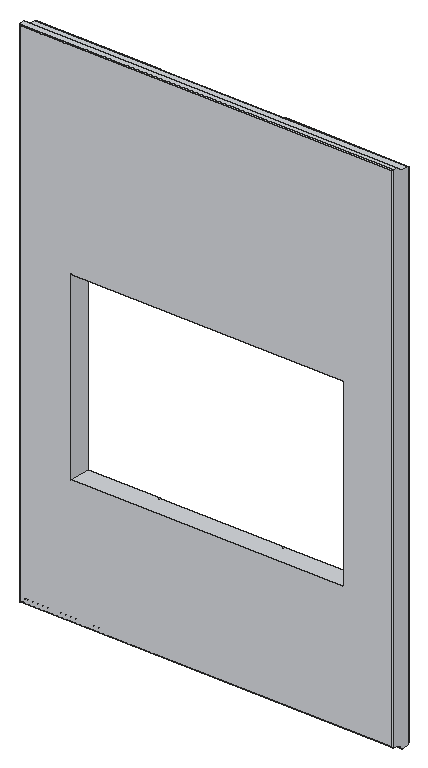
Revit family "GEN_A3-External-Facade-Middle-Panel-G18", category Curtain Panels, Revit 2016
Family settings
  OmniClass Number = 23.25.20.14.11.11.17
  OmniClass Title = Infill Panels
  Always vertical = Yes
  Cut with Voids When Loaded = No
  Shared = No
Parameters (values of type "External Facade")
  Top Off Set [instance] = 3716.752 mm
  RH Off Set [instance] = 467.272 mm
  Panel Thickness = 200 mm
  Panel 1 [instance] = none
  LH Off Set [instance] = 500 mm
  Fill [instance] = none
  Cill [instance] = 3062.5 mm
  Assembly Code = ""
Reference planes
  plane 1 "Center (Front/Back)": y = 0
  plane 2: z = 0
  plane 3 "Center (Left/Right)": x = 0
  plane 4 "Left": x = -1800
  plane 5 "Right": x = 1800
  plane 6 "Top": z = 5000
  plane 7 "face": y = 100
  plane 8: y = -100
  plane 9: z = 0
  plane 10: x = 600
  plane 11: x = -600
  plane 12: x = 592.5
  plane 13: x = 607.5
  plane 14: x = -592.5
  plane 15: x = -607.5
  plane 16: z = -7.5
  plane 17: z = 7.5
  plane 18 "1": y = 100
  plane 19 "4": y = 100
  plane 20 "6": y = 100
  plane 21: x = 1332.728
  plane 22: x = -1300
  plane 23: z = 1283.248
  plane 24: z = 3062.5
  plane 25 "150": y = 50
Forms (mm)
  Extrusion 1, void
    sketch origin (0, 0, 0) x (1, 0, 0) y (0, 1, 0)
      loop
        line (-1790, -100) -> (-1800, -90) -> (-1800, -100) -> (-1790, -100)
    from 0 to 10050
  Extrusion 2, void
    sketch origin (0, 0, 0) x (1, 0, 0) y (0, 1, 0)
      loop
        line (1790, -100) -> (1800, -100) -> (1800, -90) -> (1790, -100)
    from 0 to 10050
  Extrusion 3, solid
    sketch origin (0, 0, 0) x (0, 1, 0) y (0, 0, 1)
      loop
        line (100, 0) -> (100, 5000) -> (15, 5000) -> (-45, 5050) -> (-90, 5050) -> (-100, 5040) -> (-100, 62.859) -> (-87.141, 50) -> (-37, 50) -> (23, 0) -> (100, 0)
    from -1800 to 1800
  Sweep 4, void
    path origin (0, 100, 0) x (-1, 0, 0) y (0, 0, 1)
      loop
        line (600, 0) -> (600, 5000)
    profile "Resess Profile : Resess Profile" origin (-600, 100, 2500) x (1, 0, 0) y (0, 1, 0)
      loop
        line (-7.5, 0) -> (-2.5, -15) -> (2.5, -15) -> (7.5, 0) -> (-7.5, 0)
  Sweep 5, void
    path origin (0, 100, 0) x (-1, 0, 0) y (0, 0, 1)
      loop
        line (1802.5, 0) -> (1802.5, 5000) -> (-1800, 5000) -> (-1800, 0) -> (1802.5, 0)
    profile "Resess Profile : Resess Profile" origin (-1802.5, 100, 2500) x (1, 0, 0) y (0, 1, 0)
      loop
        line (-7.5, 0) -> (-2.5, -15) -> (2.5, -15) -> (7.5, 0) -> (-7.5, 0)
  Extrusion 6, void
    sketch origin (0, 0, 0) x (1, 0, 0) y (0, 0, 1)
      loop
        line (1332.728, 1283.248) -> (1332.728, 3062.5) -> (-1300, 3062.5) -> (-1300, 1283.248) -> (1332.728, 1283.248)
    from -100 to 100
  Sweep 7, void
    path origin (920, 100, 0) x (-1, 0, 0) y (0, 0, 1)
      loop
        line (320, 0) -> (320, 5000)
    profile "Resess Profile : Resess Profile" origin (600, 100, 2500) x (1, 0, 0) y (0, 1, 0)
      loop
        line (-7.5, 0) -> (-2.5, -15) -> (2.5, -15) -> (7.5, 0) -> (-7.5, 0)
Cuts and joins
  Extrusion 1, Extrusion 2, Sweep 4, Sweep 5, Extrusion 6, Sweep 7 cuts Extrusion 3
Text (mm)
  text "Exterior" at (-2351.972, 1416.179, 0), in view "Ref. Level"
  text "Exterior" at (0, 2290.741, 4406.713), in view "Left"
  text "Exterior" at (0, 1328.187, 4120.349), in view "Right"
Dimensions and locks
  equal spacing: plane 4 "Left", plane 3 "Center (Left/Right)", plane 5 "Right"
  plane 7 "face" to plane 1 "Center (Front/Back)" to plane 8 = 100 mm, 100 mm locked
  plane 7 "face" to plane 8 = 200 mm
  plane 4 "Left" to plane 5 "Right" = 3600 mm
  plane 2 to plane 6 "Top" = 5000 mm
  equal spacing: plane 4 "Left", plane 11, plane 10, plane 5 "Right"
  plane 16 to plane 9 to plane 17 = 7.5 mm locked, 7.5 mm locked
  locked: plane 2 to plane 9
  plane 12 to plane 10 to plane 13 = 7.5 mm locked, 7.5 mm locked
  plane 15 to plane 11 to plane 14 = 7.5 mm locked, 7.5 mm locked
  plane 18 "1" to plane 8 = 200 mm
  plane 19 "4" to plane 8 = 200 mm
  plane 20 "6" to plane 8 = 200 mm
  "Top Off Set": plane 23 to plane 6 "Top"
  "Cill": plane 2 to plane 24
  "LH Off Set": plane 4 "Left" to plane 22
  "RH Off Set": plane 21 to plane 5 "Right"
  locked: plane 1 "Center (Front/Back)" to plane 25 "150" at 50
  plane 4 "Left" to plane 3 "Center (Left/Right)" to plane 5 "Right" = 1800 mm, 1800 mm
  aligned and locked: level to plane 2
  aligned and locked: plane 4 "Left" to Extrusion 3
  aligned and locked: plane 20 "6" to Extrusion 3 sketch curve
  aligned: cut or joined group of Extrusion 1, Extrusion 2, Extrusion 3, Sweep 4, Sweep 5, Extrusion 6, Sweep 7 to plane 11
  aligned and locked: plane 23 to Extrusion 6 sketch curve
  aligned and locked: Extrusion 6 sketch curve to plane 21
  aligned and locked: Extrusion 6 sketch curve to plane 24
  aligned and locked: plane 22 to Extrusion 6 sketch curve
  aligned and locked: cut or joined group of Extrusion 1, Extrusion 2, Extrusion 3, Sweep 4, Sweep 5, Extrusion 6, Sweep 7 to plane 5 "Right"
  aligned and locked: Sweep 5 sketch curve to plane 6 "Top"
  aligned and locked: Sweep 5 sketch curve to plane 5 "Right"
  aligned and locked: Sweep 5 sketch curve to plane 9
  aligned and locked: plane 6 "Top" to Sweep 4 sketch curve
  aligned and locked: plane 10 to Sweep 7 sketch curve
  aligned and locked: plane 6 "Top" to Sweep 7 sketch curve
  aligned and locked: plane 9 to Sweep 7 sketch curve
Automatic sketch dimensions
  Extrusion 1 sketch curve to plane 4 "Left" = 0 mm
  Extrusion 1 sketch curve to plane 8 = 0 mm
  Extrusion 1 sketch curve to Extrusion 1 sketch curve = 10 mm
  plane 8 to Extrusion 1 sketch curve = 10 mm
  Extrusion 2 sketch curve to plane 8 = 0 mm
  Extrusion 2 sketch curve to plane 5 "Right" = 0 mm
  plane 5 "Right" to Extrusion 2 sketch curve = 10 mm
  Extrusion 2 sketch curve to Extrusion 2 sketch curve = 10 mm
  Extrusion 3 sketch curve to plane 8 = 0 mm
  plane 6 "Top" to Extrusion 3 sketch curve = 0 mm
  Extrusion 3 sketch curve to level = 0 mm
  plane 8 to Extrusion 3 sketch curve = 10 mm
  plane 8 to Extrusion 3 sketch curve = 12.859 mm
  plane 1 "Center (Front/Back)" to Extrusion 3 sketch curve = 45 mm
  plane 1 "Center (Front/Back)" to Extrusion 3 sketch curve = 37 mm
  Extrusion 3 sketch curve to plane 1 "Center (Front/Back)" = 15 mm
  Extrusion 3 sketch curve to plane 1 "Center (Front/Back)" = 23 mm
  plane 17 to Extrusion 3 sketch curve = 42.5 mm
  Extrusion 3 sketch curve to Extrusion 3 sketch curve = 12.859 mm
  Extrusion 3 sketch curve to plane 6 "Top" = 40 mm
  Extrusion 3 sketch curve to plane 6 "Top" = 50 mm
  plane 11 to Sweep 4 sketch curve = 0 mm
  Sweep 4 sketch curve to level = 0 mm
  plane 4 "Left" to Sweep 5 sketch curve = 2.5 mm
